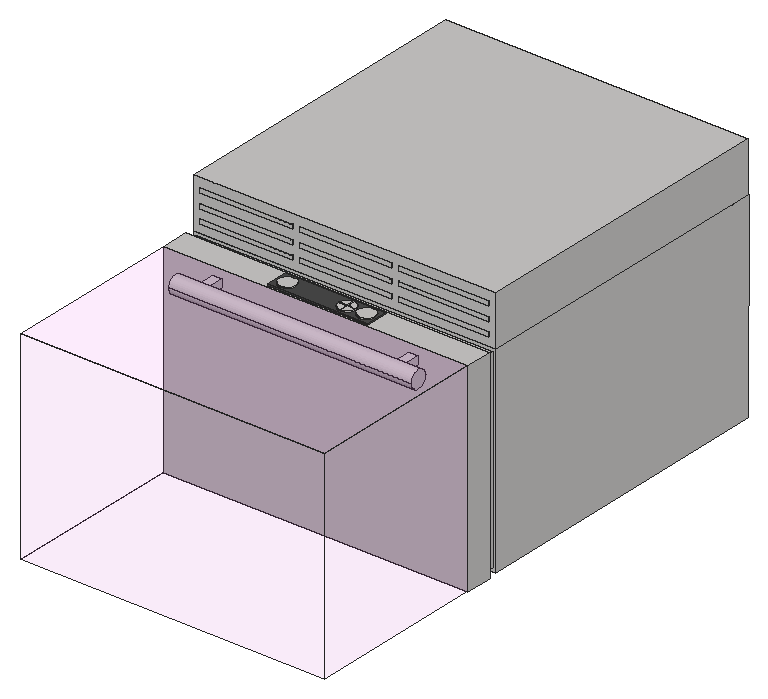
Revit family "QF_Summit_COOL1D_Wine Cellar", category Specialty Equipment, Revit 2020
Family settings
  Round Connector Dimension = Use Diameter
  Part Type = Normal
  Work Plane-Based = No
  Always vertical = Yes
  Cut with Voids When Loaded = No
  Shared = No
  Room Calculation Point = No
Parameters
  Weight in Pounds = 62
  Watts = Volts * FL Amps  # 115 W
  Volts = 115 V
  URL Cutsheet = ""
  Specification by User = ""
  Specification by Manufacturer = ""
  Show Optional Grill [instance] = yes
  Show Door Clearance [instance] = yes
  Serial Number = ""
  Seismic Rating = ""
  SMACNA No = ""
  Revision Code = ""
  Phase = 1
  Number of Poles = 1
  NAFEM Spec ID Number = ""
  Model = "COOL1D"
  Min Ckt Ampacity = 0 A
  Max Overcurrent Protection = 0 A
  Masterspec = ""
  Manufacturer = "Summit"
  Length = 17 7/8"
  Item Number = ""
  Installed By = ""
  Identify Quantity as Lot = yes
  Height = 11 7/8"
  HP = ""
  Furnished By = ""
  Foodservice Equipment Identifier = yes
  FL Amps = 1 A
  Electrical Remarks = ""
  Electric Connection Type = ""
  Elec Conn RI Height = 0"
  Elec Conn Connection Height = 0"
  Description = "Wine Cellar"
  Depth = 20 5/8"
  Default Elevation = 0"
  Cycle = 60 Hz
  Conn Plug = ""
  Conn Conduit = yes
  CSI MasterFormat = ""
  Apparent Power = if(Phase = 3, Volts * FL Amps * 1.73, Volts * FL Amps)  # 115 VA
Reference planes (in)
  plane 1 "BACK": y = 0
  plane 2: z = 0
  plane 3 "LEFT": x = 0
  plane 4 "RIGHT": x = 17.875
  plane 5 "FRONT": y = -20.625
  plane 6 "TOP": z = 11.875
  plane 7 "Center Y": x = 8.9375
  plane 8 "Center X": y = -10.3125
  plane 9: x = 0.0625
  plane 10: x = 17.8125
  plane 11: y = -22.5
  plane 12: y = -19
  plane 13: y = -18.5
  plane 14: y = -31.125
  plane 15: x = 1.8125
  plane 16: x = 16.0625
  plane 17: z = 11.8125
  plane 18: z = 0.0625
  plane 19: x = 0.25
  plane 20: x = 17.625
  plane 21: z = 11.625
  plane 22: z = 0.25
  plane 23: z = 14.75
  plane 24: x = 3
Forms (in)
  Extrusion 1, solid, material "QF_Metal_Stainless_Polished"
    sketch origin (-1.0333, -180, 0.0625) x (-1, 0, 0) y (0, -1, 0)
      loop
        line (-1.0958, -180) -> (-1.0958, -161.5) -> (-18.8458, -161.5) -> (-18.8458, -180) -> (-1.0958, -180)
    from 0 to 11.75
  Extrusion 2, solid, material "QF_Metal_Stainless_Polished"
    sketch origin (0, -20.625, 0) x (1, 0, 0) y (0, 0, 1)
      loop
        line (0, 0) -> (17.875, 0) -> (17.875, 11.875) -> (0, 11.875) -> (0, 0)
    from 0 to -1.625
  Extrusion 3, solid, material "QF_Metal_Stainless_Polished"
    sketch origin (0, -19, 0) x (-1, 0, 0) y (0, 0, 1)
      loop
        line (-0.25, 11.625) -> (-17.625, 11.625) -> (-17.625, 0.25) -> (-0.25, 0.25) -> (-0.25, 11.625)
    from 0 to 0.5
  Extrusion 4, solid, material "QF_Metal_Stainless_Polished"
    sketch origin (0, -20.625, 0) x (1, 0, 0) y (0, 0, 1)
      loop
        line (2.93626, 11.3979) -> (2.93626, 10.8979) -> (3.43626, 10.8979) -> (3.43626, 11.3979) -> (2.93626, 11.3979)
      loop
        line (14.93874, 11.3979) -> (14.43874, 11.3979) -> (14.43874, 10.8979) -> (14.93874, 10.8979) -> (14.93874, 11.3979)
    from 0 to 1.5
  Extrusion 5, solid, material "QF_Metal_Stainless_Polished"
    sketch origin (1.8125, -39.91862, 48) x (0, -1, 0) y (0, 0, 1)
      loop
        circle (-17.91862, -36.8521) r 0.5
    from 0 to -14.25
  Extrusion 6, solid, material "QF_Metal_Stainless_Polished"
    sketch origin (-1.0333, -180, 11.8125) x (-1, 0, 0) y (0, -1, 0)
      loop
        arc (-7.2833, -177.625) -> (-7.4083, -177.5) -> (-7.5333, -177.625) r 0.125
        line (-7.5333, -177.625) -> (-7.5333, -179.375)
        arc (-7.5333, -179.375) -> (-7.4083, -179.5) -> (-7.2833, -179.375) r 0.125
        line (-7.2833, -179.375) -> (-7.2833, -177.625)
      loop
        arc (-7.67182, -177.625) -> (-7.79682, -177.5) -> (-7.92182, -177.625) r 0.125
        line (-7.92182, -177.625) -> (-7.92182, -179.375)
        arc (-7.92182, -179.375) -> (-7.79682, -179.5) -> (-7.67182, -179.375) r 0.125
        line (-7.67182, -179.375) -> (-7.67182, -177.625)
      loop
        arc (-8.06034, -177.625) -> (-8.18534, -177.5) -> (-8.31034, -177.625) r 0.125
        line (-8.31034, -177.625) -> (-8.31034, -179.375)
        arc (-8.31034, -179.375) -> (-8.18534, -179.5) -> (-8.06034, -179.375) r 0.125
        line (-8.06034, -179.375) -> (-8.06034, -177.625)
      loop
        arc (-8.44886, -177.625) -> (-8.57386, -177.5) -> (-8.69886, -177.625) r 0.125
        line (-8.69886, -177.625) -> (-8.69886, -179.375)
        arc (-8.69886, -179.375) -> (-8.57386, -179.5) -> (-8.44886, -179.375) r 0.125
        line (-8.44886, -179.375) -> (-8.44886, -177.625)
      loop
        arc (-8.83738, -177.625) -> (-8.96238, -177.5) -> (-9.08738, -177.625) r 0.125
        line (-9.08738, -177.625) -> (-9.08738, -179.375)
        arc (-9.08738, -179.375) -> (-8.96238, -179.5) -> (-8.83738, -179.375) r 0.125
        line (-8.83738, -179.375) -> (-8.83738, -177.625)
      loop
        arc (-9.3509, -177.625) -> (-9.4759, -177.5) -> (-9.6009, -177.625) r 0.125
        line (-9.6009, -177.625) -> (-9.6009, -179.375)
        arc (-9.6009, -179.375) -> (-9.4759, -179.5) -> (-9.3509, -179.375) r 0.125
        line (-9.3509, -179.375) -> (-9.3509, -177.625)
      loop
        line (-12.6583, -177.625) -> (-12.6583, -179.375)
        arc (-12.6583, -179.375) -> (-12.5333, -179.5) -> (-12.4083, -179.375) r 0.125
        line (-12.4083, -179.375) -> (-12.4083, -177.625)
        arc (-12.4083, -177.625) -> (-12.5333, -177.5) -> (-12.6583, -177.625) r 0.125
      loop
        line (-12.26977, -177.625) -> (-12.26977, -179.375)
        arc (-12.26977, -179.375) -> (-12.14477, -179.5) -> (-12.01977, -179.375) r 0.125
        line (-12.01977, -179.375) -> (-12.01977, -177.625)
        arc (-12.01977, -177.625) -> (-12.14477, -177.5) -> (-12.26977, -177.625) r 0.125
      loop
        line (-11.88125, -177.625) -> (-11.88125, -179.375)
        arc (-11.88125, -179.375) -> (-11.75625, -179.5) -> (-11.63125, -179.375) r 0.125
        line (-11.63125, -179.375) -> (-11.63125, -177.625)
        arc (-11.63125, -177.625) -> (-11.75625, -177.5) -> (-11.88125, -177.625) r 0.125
      loop
        line (-11.49273, -177.625) -> (-11.49273, -179.375)
        arc (-11.49273, -179.375) -> (-11.36773, -179.5) -> (-11.24273, -179.375) r 0.125
        line (-11.24273, -179.375) -> (-11.24273, -177.625)
        arc (-11.24273, -177.625) -> (-11.36773, -177.5) -> (-11.49273, -177.625) r 0.125
      loop
        line (-11.10421, -177.625) -> (-11.10421, -179.375)
        arc (-11.10421, -179.375) -> (-10.97921, -179.5) -> (-10.85421, -179.375) r 0.125
        line (-10.85421, -179.375) -> (-10.85421, -177.625)
        arc (-10.85421, -177.625) -> (-10.97921, -177.5) -> (-11.10421, -177.625) r 0.125
      loop
        line (-10.59069, -177.625) -> (-10.59069, -179.375)
        arc (-10.59069, -179.375) -> (-10.46569, -179.5) -> (-10.34069, -179.375) r 0.125
        line (-10.34069, -179.375) -> (-10.34069, -177.625)
        arc (-10.34069, -177.625) -> (-10.46569, -177.5) -> (-10.59069, -177.625) r 0.125
    from 0 to 0.03125
  Extrusion 7, solid, material "QF_Plastic_Black_Smooth"
    sketch origin (17.97288, -20.625, 11.875) x (-1, 0, 0) y (0, -1, 0)
      loop
        line (11.97548, -0.14351) -> (6.09527, -0.14351) -> (6.09527, -1.48149) -> (11.97548, -1.48149) -> (11.97548, -0.14351)
    from 0 to 0.0625
  Extrusion 8, solid, material "QF_Metal_Stainless_Polished"
    sketch origin (17.97288, -20.625, 11.9375) x (-1, 0, 0) y (0, -1, 0)
      loop
        circle (11.35822, -0.8125) r 0.5
      loop
        circle (6.71253, -0.8125) r 0.5
      loop
        line (8.34763, -0.8438) -> (7.87805, -0.8438) -> (7.87805, -1.30787)
        arc (7.87805, -1.30787) -> (8.19916, -1.16317) -> (8.34763, -0.8438) r 0.50511
      loop
        line (7.81628, -1.30815) -> (7.81628, -0.8438) -> (7.34882, -0.8438)
        arc (7.34882, -0.8438) -> (7.49478, -1.16433) -> (7.81628, -1.30815) r 0.49801
      loop
        line (7.34816, -0.79203) -> (7.81628, -0.79203) -> (7.81628, -0.31456)
        arc (7.81628, -0.31456) -> (7.49045, -0.46333) -> (7.34816, -0.79203) r 0.49914
      loop
        line (7.87805, -0.79203) -> (8.34907, -0.79203)
        arc (8.34907, -0.79203) -> (8.20483, -0.46327) -> (7.87805, -0.31459) r 0.50268
        line (7.87805, -0.31459) -> (7.87805, -0.79203)
    from 0 to 0.03125
  Extrusion 9, solid, material "QF_Metal_Stainless_Polished"
    sketch origin (0.0625, 0, 0.0625) x (1, 0, 0) y (0, 0, -1)
      loop
        circle (2.9375, -2.32704) r 0.25
    from 0 to 0.0625
  Extrusion 10, solid, material "QF_Clearances_Door_Drawer", visible <- "Show Door Clearance"
    sketch origin (0, -20.625, 0) x (1, 0, 0) y (0, 0, 1)
      loop
        line (0, 11.875) -> (0, 0) -> (17.875, 0) -> (17.875, 11.875) -> (0, 11.875)
    from 0 to 10.5
  Extrusion 11, solid, material "QF_Metal_Stainless_Polished", visible <- "Show Optional Grill"
    sketch origin (0, 0, 0) x (1, 0, 0) y (0, 0, 1)
      loop
        line (0.0625, 14.75) -> (0.0625, 11.8125) -> (17.8125, 11.8125) -> (17.8125, 14.75) -> (0.0625, 14.75)
    from 0 to 18.5
  Extrusion 12, solid, material "QF_Metal_Stainless_Polished", visible <- "Show Optional Grill"
    sketch origin (0, -18.5, 0) x (1, 0, 0) y (0, 0, 1)
      loop
        line (0.47936, 14.18785) -> (0.47936, 13.93785) -> (5.88561, 13.93785) -> (5.88561, 14.18785) -> (0.47936, 14.18785)
      loop
        line (0.47936, 13.37359) -> (0.47936, 13.12359) -> (5.88561, 13.12359) -> (5.88561, 13.37359) -> (0.47936, 13.37359)
      loop
        line (0.47936, 12.55934) -> (0.47936, 12.30934) -> (5.88561, 12.30934) -> (5.88561, 12.55934) -> (0.47936, 12.55934)
      loop
        line (6.29687, 14.18785) -> (6.29687, 13.93785) -> (11.70312, 13.93785) -> (11.70312, 14.18785) -> (6.29687, 14.18785)
      loop
        line (6.29687, 13.37359) -> (6.29687, 13.12359) -> (11.70312, 13.12359) -> (11.70312, 13.37359) -> (6.29687, 13.37359)
      loop
        line (6.29687, 12.55934) -> (6.29687, 12.30934) -> (11.70312, 12.30934) -> (11.70312, 12.55934) -> (6.29687, 12.55934)
      loop
        line (17.39564, 14.18785) -> (12.11439, 14.18785) -> (12.11439, 13.93785) -> (17.39564, 13.93785) -> (17.39564, 14.18785)
      loop
        line (17.39564, 13.37359) -> (12.11439, 13.37359) -> (12.11439, 13.12359) -> (17.39564, 13.12359) -> (17.39564, 13.37359)
      loop
        line (17.39564, 12.55934) -> (12.11439, 12.55934) -> (12.11439, 12.30934) -> (17.39564, 12.30934) -> (17.39564, 12.55934)
    from 0 to 0.03125
Cuts and joins
  joined: Extrusion 4, Extrusion 5
Lines and regions (in)
  symbolic lines
    curve 1: line (0.0625, 0, 0) -> (17.8125, 0, 0)
    curve 2: line (0.0625, -18.5, 0) -> (0.0625, 0, 0)
    curve 3: line (17.8125, -18.5, 0) -> (0.0625, -18.5, 0)
    curve 4: line (17.8125, 0, 0) -> (17.8125, -18.5, 0)
    curve 5: line (0, -19, 0) -> (17.875, -19, 0)
    curve 6: line (0, -20.625, 0) -> (0, -19, 0)
    curve 7: line (17.875, -20.625, 0) -> (0, -20.625, 0)
    curve 8: line (17.875, -19, 0) -> (17.875, -20.625, 0)
    curve 9: line (5.9974, -19.14351, 0) -> (5.9974, -20.48149, 0)
    curve 10: line (11.8776, -19.14351, 0) -> (5.9974, -19.14351, 0)
    curve 11: line (5.9974, -20.48149, 0) -> (11.8776, -20.48149, 0)
    curve 12: line (11.8776, -20.48149, 0) -> (11.8776, -19.14351, 0)
    curve 13: arc (11.76034, -19.8125, 0) -> (11.26034, -19.3125, 0) -> (10.76034, -19.8125, 0) r 0.5
    curve 14: arc (10.76034, -19.8125, 0) -> (11.26034, -20.3125, 0) -> (11.76034, -19.8125, 0) r 0.5
    curve 15: arc (10.62406, -19.7812, 0) -> (10.4781, -19.46067, 0) -> (10.1566, -19.31685, 0) r 0.49801
    curve 16: line (10.1566, -19.31685, 0) -> (10.1566, -19.7812, 0)
    curve 17: line (10.1566, -19.7812, 0) -> (10.62406, -19.7812, 0)
    curve 18: arc (10.09483, -19.31713, 0) -> (9.77372, -19.46183, 0) -> (9.62524, -19.7812, 0) r 0.50511
    curve 19: line (9.62524, -19.7812, 0) -> (10.09483, -19.7812, 0)
    curve 20: line (10.09483, -19.7812, 0) -> (10.09483, -19.31713, 0)
    curve 21: arc (9.6238, -19.83297, 0) -> (9.76805, -20.16173, 0) -> (10.09483, -20.31041, 0) r 0.50268
    curve 22: line (10.09483, -20.31041, 0) -> (10.09483, -19.83297, 0)
    curve 23: line (10.09483, -19.83297, 0) -> (9.6238, -19.83297, 0)
    curve 24: arc (10.1566, -20.31044, 0) -> (10.48243, -20.16167, 0) -> (10.62471, -19.83297, 0) r 0.49914
    curve 25: line (10.62471, -19.83297, 0) -> (10.1566, -19.83297, 0)
    curve 26: line (10.1566, -19.83297, 0) -> (10.1566, -20.31044, 0)
    curve 27: arc (7.11466, -19.8125, 0) -> (6.61466, -19.3125, 0) -> (6.11466, -19.8125, 0) r 0.5
    curve 28: arc (6.11466, -19.8125, 0) -> (6.61466, -20.3125, 0) -> (7.11466, -19.8125, 0) r 0.5
    curve 29: line (1.8125, -22.5, 0) -> (16.0625, -22.5, 0)
    curve 30: line (1.8125, -21.5, 0) -> (1.8125, -22.5, 0)
    curve 31: line (16.0625, -21.5, 0) -> (1.8125, -21.5, 0)
    curve 32: line (16.0625, -22.5, 0) -> (16.0625, -21.5, 0)
    curve 33: line (14.93874, -20.625, 0) -> (14.93874, -21.5, 0)
    curve 34: line (14.43874, -20.625, 0) -> (14.43874, -21.5, 0)
    curve 35: line (2.93626, -20.625, 0) -> (2.93626, -21.5, 0)
    curve 36: line (3.43626, -20.625, 0) -> (3.43626, -21.5, 0)
    curve 37: line (0.25, -18.5, 0) -> (0.25, -19, 0)
    curve 38: line (17.625, -18.5, 0) -> (17.625, -19, 0)
    curve 39: line (6.25, -0.625, 0) -> (6.25, -2.375, 0)
    curve 40: arc (6.25, -2.375, 0) -> (6.375, -2.5, 0) -> (6.5, -2.375, 0) r 0.125
    curve 41: line (6.5, -2.375, 0) -> (6.5, -0.625, 0)
    curve 42: arc (6.5, -0.625, 0) -> (6.375, -0.5, 0) -> (6.25, -0.625, 0) r 0.125
    curve 43: line (6.63852, -0.625, 0) -> (6.63852, -2.375, 0)
    curve 44: arc (6.63852, -2.375, 0) -> (6.76352, -2.5, 0) -> (6.88852, -2.375, 0) r 0.125
    curve 45: line (6.88852, -2.375, 0) -> (6.88852, -0.625, 0)
    curve 46: arc (6.88852, -0.625, 0) -> (6.76352, -0.5, 0) -> (6.63852, -0.625, 0) r 0.125
    curve 47: line (7.02704, -0.625, 0) -> (7.02704, -2.375, 0)
    curve 48: arc (7.02704, -2.375, 0) -> (7.15204, -2.5, 0) -> (7.27704, -2.375, 0) r 0.125
    curve 49: line (7.27704, -2.375, 0) -> (7.27704, -0.625, 0)
    curve 50: arc (7.27704, -0.625, 0) -> (7.15204, -0.5, 0) -> (7.02704, -0.625, 0) r 0.125
    curve 51: line (7.41557, -0.625, 0) -> (7.41557, -2.375, 0)
    curve 52: arc (7.41557, -2.375, 0) -> (7.54057, -2.5, 0) -> (7.66557, -2.375, 0) r 0.125
    curve 53: line (7.66557, -2.375, 0) -> (7.66557, -0.625, 0)
    curve 54: arc (7.66557, -0.625, 0) -> (7.54057, -0.5, 0) -> (7.41557, -0.625, 0) r 0.125
    curve 55: line (7.80409, -0.625, 0) -> (7.80409, -2.375, 0)
    curve 56: arc (7.80409, -2.375, 0) -> (7.92909, -2.5, 0) -> (8.05409, -2.375, 0) r 0.125
    curve 57: line (8.05409, -2.375, 0) -> (8.05409, -0.625, 0)
    curve 58: arc (8.05409, -0.625, 0) -> (7.92909, -0.5, 0) -> (7.80409, -0.625, 0) r 0.125
    curve 59: line (8.31761, -0.625, 0) -> (8.31761, -2.375, 0)
    curve 60: arc (8.31761, -2.375, 0) -> (8.44261, -2.5, 0) -> (8.56761, -2.375, 0) r 0.125
    curve 61: line (8.56761, -2.375, 0) -> (8.56761, -0.625, 0)
    curve 62: arc (8.56761, -0.625, 0) -> (8.44261, -0.5, 0) -> (8.31761, -0.625, 0) r 0.125
    curve 63: line (9.30739, -0.625, 0) -> (9.30739, -2.375, 0)
    curve 64: arc (9.30739, -2.375, 0) -> (9.43239, -2.5, 0) -> (9.55739, -2.375, 0) r 0.125
    curve 65: line (9.55739, -2.375, 0) -> (9.55739, -0.625, 0)
    curve 66: arc (9.55739, -0.625, 0) -> (9.43239, -0.5, 0) -> (9.30739, -0.625, 0) r 0.125
    curve 67: line (9.82091, -0.625, 0) -> (9.82091, -2.375, 0)
    curve 68: arc (9.82091, -2.375, 0) -> (9.94591, -2.5, 0) -> (10.07091, -2.375, 0) r 0.125
    curve 69: line (10.07091, -2.375, 0) -> (10.07091, -0.625, 0)
    curve 70: arc (10.07091, -0.625, 0) -> (9.94591, -0.5, 0) -> (9.82091, -0.625, 0) r 0.125
    curve 71: line (10.20943, -0.625, 0) -> (10.20943, -2.375, 0)
    curve 72: arc (10.20943, -2.375, 0) -> (10.33443, -2.5, 0) -> (10.45943, -2.375, 0) r 0.125
    curve 73: line (10.45943, -2.375, 0) -> (10.45943, -0.625, 0)
    curve 74: arc (10.45943, -0.625, 0) -> (10.33443, -0.5, 0) -> (10.20943, -0.625, 0) r 0.125
    curve 75: line (10.59796, -0.625, 0) -> (10.59796, -2.375, 0)
    curve 76: arc (10.59796, -2.375, 0) -> (10.72296, -2.5, 0) -> (10.84796, -2.375, 0) r 0.125
    curve 77: line (10.84796, -2.375, 0) -> (10.84796, -0.625, 0)
    curve 78: arc (10.84796, -0.625, 0) -> (10.72296, -0.5, 0) -> (10.59796, -0.625, 0) r 0.125
    curve 79: line (10.98648, -0.625, 0) -> (10.98648, -2.375, 0)
    curve 80: arc (10.98648, -2.375, 0) -> (11.11148, -2.5, 0) -> (11.23648, -2.375, 0) r 0.125
    curve 81: line (11.23648, -2.375, 0) -> (11.23648, -0.625, 0)
    curve 82: arc (11.23648, -0.625, 0) -> (11.11148, -0.5, 0) -> (10.98648, -0.625, 0) r 0.125
    curve 83: line (11.375, -0.625, 0) -> (11.375, -2.375, 0)
    curve 84: arc (11.375, -2.375, 0) -> (11.5, -2.5, 0) -> (11.625, -2.375, 0) r 0.125
    curve 85: line (11.625, -2.375, 0) -> (11.625, -0.625, 0)
    curve 86: arc (11.625, -0.625, 0) -> (11.5, -0.5, 0) -> (11.375, -0.625, 0) r 0.125
  symbolic lines, style "QF_Clearances_Door_Drawer", visible <- "Show Door Clearance"
    curve 87: line (0, -20.625, 0) -> (0, -31.125, 0)
    curve 88: line (0, -31.125, 0) -> (17.875, -31.125, 0)
    curve 89: line (17.875, -31.125, 0) -> (17.875, -20.625, 0)
Dimensions and locks (in)
  equal spacing: plane 3 "LEFT", plane 7 "Center Y", plane 4 "RIGHT"
  "Length": plane 3 "LEFT" to plane 4 "RIGHT"
  equal spacing: plane 5 "FRONT", plane 8 "Center X", plane 1 "BACK"
  "Depth": plane 5 "FRONT" to plane 1 "BACK"
  "Height": plane 6 "TOP" to level
  plane 9 to plane 10 = 17 3/4"
  plane 5 "FRONT" to plane 11 = 1 7/8"
  plane 5 "FRONT" to plane 12 = 1 5/8"
  plane 13 to plane 1 "BACK" = 18 1/2"
  plane 14 to plane 1 "BACK" = 31 1/8"
  plane 15 to plane 16 = 14 1/4"
  plane 3 "LEFT" to plane 4 "RIGHT" = 17 7/8"
  plane 23 to plane 6 "TOP" = 2 7/8"
  Extrusion 6 to Extrusion 6 = 5 3/8"
  Extrusion 11 to Extrusion 6 = 1/2"
  aligned and locked: level to plane 2
Automatic sketch dimensions
  plane 1 "BACK" to Extrusion 1 sketch curve = 0"
  Extrusion 1 sketch curve to plane 10 = 0"
  Extrusion 1 sketch curve to plane 9 = 0"
  Extrusion 1 sketch curve to plane 13 = 0"
  Extrusion 2 sketch curve to plane 3 "LEFT" = 0"
  plane 4 "RIGHT" to Extrusion 2 sketch curve = 0"
  Extrusion 2 sketch curve to level = 0"
  Extrusion 2 sketch curve to plane 6 "TOP" = 0"
  Extrusion 2 to Extrusion 3 sketch curve = 1/4"  (x4)
  Extrusion 4 sketch curve to Extrusion 2 = 0.9771"  (x2)
  Extrusion 4 sketch curve to Extrusion 2 = 2.93626"
  Extrusion 4 sketch curve to Extrusion 4 sketch curve = 1/2"  (x2)
  Extrusion 4 sketch curve to Extrusion 2 = 3.43626"
  Extrusion 4 sketch curve to Extrusion 2 = 0.4771"  (x2)
  plane 11 to Extrusion 5 sketch curve = 1/2"
  Extrusion 5 sketch curve to plane 21 = 0.4771"
  Extrusion 6 sketch curve to Extrusion 1 = 6 3/16"
  Extrusion 6 sketch curve to Extrusion 6 sketch curve = 1/8"  (x12)
  Extrusion 6 sketch curve to Extrusion 6 sketch curve = 0.13852"  (x8)
  Extrusion 6 sketch curve to Extrusion 6 sketch curve = 0.26352"  (x2)
  Extrusion 6 sketch curve to Extrusion 6 sketch curve = 0.73978"
  Extrusion 6 sketch curve to Extrusion 1 = 5/8"  (x2)
  Extrusion 6 sketch curve to Extrusion 6 sketch curve = 0"  (x20)
  Extrusion 6 sketch curve to Extrusion 6 sketch curve = 1 3/4"  (x2)
  Extrusion 2 to Extrusion 7 sketch curve = 0.14351"  (x2)
  Extrusion 2 to Extrusion 7 sketch curve = 5.9974"
  Extrusion 7 sketch curve to Extrusion 7 sketch curve = 5.8802"
  Extrusion 8 sketch curve to Extrusion 7 = 0.61726"  (x2)
  Extrusion 8 sketch curve to Extrusion 8 sketch curve = 0.63563"
  Extrusion 8 sketch curve to Extrusion 8 sketch curve = 0.00066"
  Extrusion 8 sketch curve to Extrusion 8 sketch curve = 0.46811"
  Extrusion 8 sketch curve to Extrusion 7 = 0.17333"
  Extrusion 8 sketch curve to Extrusion 8 sketch curve = 0"
  Extrusion 8 sketch curve to Extrusion 8 sketch curve = 0.02783"
  Extrusion 8 sketch curve to Extrusion 8 sketch curve = 0.00165"
  Extrusion 8 sketch curve to Extrusion 8 sketch curve = 0.00112"
  Extrusion 8 sketch curve to Extrusion 8 sketch curve = 0.0001"
  Extrusion 8 sketch curve to Extrusion 8 sketch curve = 0.03395"
  Extrusion 8 sketch curve to Extrusion 8 sketch curve = 0.06178"
  Extrusion 8 sketch curve to Extrusion 8 sketch curve = 0.46958"
  Extrusion 8 sketch curve to Extrusion 8 sketch curve = 0.00144"
  Extrusion 8 sketch curve to Extrusion 8 sketch curve = 0.00028"
  Extrusion 8 sketch curve to Extrusion 8 sketch curve = 0.46407"
  Extrusion 8 sketch curve to Extrusion 8 sketch curve = 0.03989"
  Extrusion 8 sketch curve to Extrusion 8 sketch curve = 0.00529"
  Extrusion 8 sketch curve to Extrusion 8 sketch curve = 0.00175"
  Extrusion 8 sketch curve to Extrusion 8 sketch curve = 0.0313"
  Extrusion 8 sketch curve to Extrusion 7 = 0.66899"
  Extrusion 8 sketch curve to Extrusion 8 sketch curve = 0.01187"
  Extrusion 8 sketch curve to Extrusion 8 sketch curve = 0.05177"
  Extrusion 9 sketch curve to Extrusion 1 = 2 15/16"
  Extrusion 1 to Extrusion 9 sketch curve = 2.32704"
  Extrusion 2 to Extrusion 10 sketch curve = 0"
  Extrusion 10 sketch curve to Extrusion 2 = 0"  (x3)
  curve 6 to plane 3 "LEFT" = 0"
  curve 2 to plane 9 = 0"
  curve 37 to plane 12 = 0"
  curve 37 to plane 19 = 0"
  curve 30 to plane 11 = 0"
  curve 30 to plane 15 = 0"
  plane 5 "FRONT" to curve 35 = 0"
  curve 31 to plane 16 = 0"
  curve 38 to plane 13 = 0"
  curve 38 to plane 20 = 0"
  curve 4 to plane 10 = 0"
  curve 89 to plane 4 "RIGHT" = 0"
  curve 89 to plane 14 = 0"
  plane 1 "BACK" to curve 2 = 0"
  curve 9 to plane 5 "FRONT" = 0.14351"
  curve 9 to plane 7 "Center Y" = 2.9401"
  curve 39 to plane 7 "Center Y" = 2 11/16"
  curve 39 to curve 40 = 1/8"
  curve 9 to curve 27 = 0.61726"
  curve 41 to curve 43 = 0.13852"
  curve 43 to curve 44 = 1/8"
  curve 45 to curve 47 = 0.13852"
  curve 47 to curve 48 = 1/8"
  curve 49 to curve 51 = 0.13852"
  curve 51 to curve 54 = 1/8"
  curve 53 to curve 55 = 0.13852"
  curve 55 to curve 56 = 1/8"
  curve 57 to curve 59 = 0.26352"
  curve 59 to curve 62 = 1/8"
  plane 7 "Center Y" to curve 63 = 0.36989"
  curve 63 to curve 66 = 1/8"
  plane 7 "Center Y" to curve 23 = 0.6863"
  curve 23 to curve 19 = 0.00144"
  curve 64 to curve 67 = 0.26352"
  curve 67 to curve 68 = 1/8"
  curve 19 to curve 19 = 0.46958"
  curve 22 to curve 19 = 0"
  curve 22 to curve 21 = 0.03107"
  curve 21 to curve 24 = 0.0001"
  curve 24 to curve 15 = 0.00112"
  curve 15 to curve 18 = 0.00165"
  curve 21 to curve 16 = 0.0307"
  curve 18 to curve 25 = 0.02783"
  curve 70 to curve 71 = 0.13852"
  curve 71 to curve 72 = 1/8"
  curve 72 to curve 75 = 0.13852"
  curve 16 to curve 17 = 0.46745"
  curve 15 to curve 25 = 0.00066"
  curve 75 to curve 76 = 1/8"
  curve 78 to curve 79 = 0.13852"
  curve 79 to curve 82 = 1/8"
  curve 24 to curve 13 = 0.63563"
  curve 80 to curve 83 = 0.13852"
  curve 83 to curve 84 = 1/8"
  curve 13 to curve 12 = 0.61726"
  plane 5 "FRONT" to curve 30 = 7/8"
  curve 26 to plane 5 "FRONT" = 0.31456"
  curve 26 to curve 22 = 0.00002"
  curve 22 to curve 23 = 0.47745"
  curve 25 to curve 21 = 0.02427"
  curve 18 to curve 24 = 0.00886"
  curve 15 to curve 24 = 0.00175"
  curve 28 to plane 5 "FRONT" = 13/16"
  curve 24 to curve 13 = 0.02047"
  curve 21 to curve 20 = 0.0275"
  curve 24 to curve 17 = 0.05177"
  curve 10 to plane 12 = 0.14351"
  plane 1 "BACK" to curve 41 = 2 3/8"
  curve 41 to curve 43 = 0"
  curve 81 to curve 83 = 0"
  curve 45 to curve 47 = 0"
  curve 77 to curve 79 = 0"
  curve 49 to curve 51 = 0"
  curve 73 to curve 75 = 0"
  curve 53 to curve 55 = 0"
  curve 69 to curve 71 = 0"
  curve 57 to curve 59 = 0"
  curve 65 to curve 67 = 0"
  plane 1 "BACK" to curve 63 = 5/8"
  plane 1 "BACK" to curve 62 = 5/8"
  curve 66 to curve 67 = 0"
  curve 58 to curve 59 = 0"
  curve 70 to curve 71 = 0"
  curve 54 to curve 55 = 0"
  curve 74 to curve 75 = 0"
  curve 50 to curve 51 = 0"
  curve 78 to curve 79 = 0"
  curve 46 to curve 47 = 0"
  curve 82 to curve 83 = 0"
  curve 42 to curve 43 = 0"
  curve 35 to plane 24 = 0.06374"
  plane 24 to curve 36 = 0.43626"
  curve 27 to curve 27 = 1/2"
  curve 24 to curve 14 = 0.13563"
  curve 34 to curve 31 = 1.62376"
  curve 34 to curve 33 = 1/2"
  plane 3 "LEFT" to Extrusion 11 sketch curve = 1/16"
  plane 4 "RIGHT" to Extrusion 11 sketch curve = 1/16"
  Extrusion 11 sketch curve to plane 6 "TOP" = 1/16"
  Extrusion 11 sketch curve to plane 23 = 0"
  curve 85 to curve 85 = 1 3/4"
  Extrusion 12 sketch curve to Extrusion 11 = 0.41686"  (x6)
  Extrusion 12 sketch curve to Extrusion 11 = 1.31109"  (x3)
  Extrusion 12 sketch curve to Extrusion 12 sketch curve = 5 13/32"  (x2)
  Extrusion 12 sketch curve to Extrusion 12 sketch curve = 0"  (x6)
  Extrusion 12 sketch curve to Extrusion 12 sketch curve = 0.41126"  (x6)
  Extrusion 12 sketch curve to Extrusion 12 sketch curve = 0.56426"  (x4)
  Extrusion 12 sketch curve to Extrusion 12 sketch curve = 1/4"  (x9)
  radius of Extrusion 5 sketch curve = 1/2"
  radius of Extrusion 8 sketch curve = 1/2"  (x2)
  radius of Extrusion 9 sketch curve = 1/4"
Connectors (in)
  electrical at (3, 0.0625, 2.38954), driven by "Volts", driven by "Watts"
    settings: on Extrusion 9, index 1, voltage 115 V, apparent load 115 VA, apparent load phase1 0 VA, apparent load phase2 0 VA, apparent load phase3 0 VA, power factor 1, load classification "Other", number of poles 1, system type 30, power factor state 1, is connector primary yes, connector utility no, sub classification motor no, connector description "Electrical Connection"
